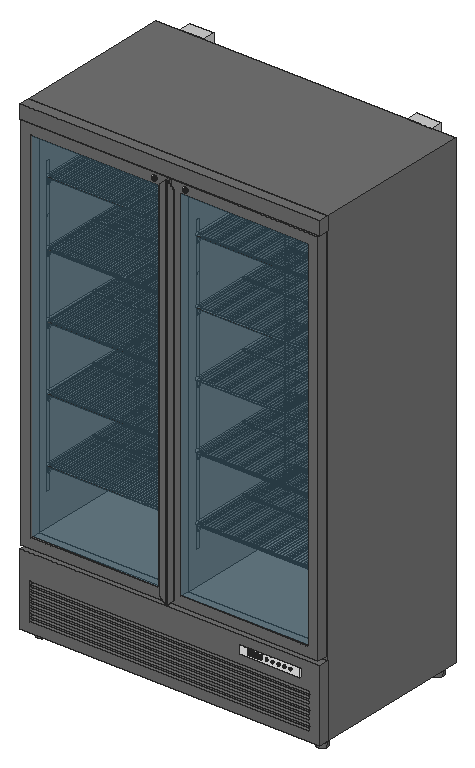
Revit family "QF_BLIZZARD_BMC2_250923014738", category Specialty Equipment, Revit 2021 (continued)
Definition of nested family "QF_BLIZZARD_BMC2_2920"
  Forms (mm)
    Extrusion 64, solid
      sketch origin (590.5, -688.633, 200) x (0, -1, 0) y (0, 0, 1)
        loop
          line (-77, 606.989) -> (-73, 606.989) -> (-73, 610.989) -> (-77, 610.989) -> (-77, 606.989)
        loop
          line (-77, 621.989) -> (-73, 621.989) -> (-73, 625.989) -> (-77, 625.989) -> (-77, 621.989)
        loop
          line (-77, 636.989) -> (-73, 636.989) -> (-73, 640.989) -> (-77, 640.989) -> (-77, 636.989)
        loop
          line (-77, 651.989) -> (-73, 651.989) -> (-73, 655.989) -> (-77, 655.989) -> (-77, 651.989)
        loop
          line (-77, 666.989) -> (-73, 666.989) -> (-73, 670.989) -> (-77, 670.989) -> (-77, 666.989)
        loop
          line (-77, 681.989) -> (-73, 681.989) -> (-73, 685.989) -> (-77, 685.989) -> (-77, 681.989)
        loop
          line (-77, 696.989) -> (-73, 696.989) -> (-73, 700.989) -> (-77, 700.989) -> (-77, 696.989)
        loop
          line (-77, 711.989) -> (-73, 711.989) -> (-73, 715.989) -> (-77, 715.989) -> (-77, 711.989)
        loop
          line (-77, 726.989) -> (-73, 726.989) -> (-73, 730.989) -> (-77, 730.989) -> (-77, 726.989)
        loop
          line (-77, 741.989) -> (-73, 741.989) -> (-73, 745.989) -> (-77, 745.989) -> (-77, 741.989)
        loop
          line (-77, 756.989) -> (-73, 756.989) -> (-73, 760.989) -> (-77, 760.989) -> (-77, 756.989)
        loop
          line (-77, 771.989) -> (-73, 771.989) -> (-73, 775.989) -> (-77, 775.989) -> (-77, 771.989)
        loop
          line (-77, 786.989) -> (-73, 786.989) -> (-73, 790.989) -> (-77, 790.989) -> (-77, 786.989)
        loop
          line (-77, 801.989) -> (-73, 801.989) -> (-73, 805.989) -> (-77, 805.989) -> (-77, 801.989)
        loop
          line (-77, 816.989) -> (-73, 816.989) -> (-73, 820.989) -> (-77, 820.989) -> (-77, 816.989)
        loop
          line (-77, 831.989) -> (-73, 831.989) -> (-73, 835.989) -> (-77, 835.989) -> (-77, 831.989)
        loop
          line (-77, 846.989) -> (-73, 846.989) -> (-73, 850.989) -> (-77, 850.989) -> (-77, 846.989)
        loop
          line (-77, 861.989) -> (-73, 861.989) -> (-73, 865.989) -> (-77, 865.989) -> (-77, 861.989)
        loop
          line (-77, 876.989) -> (-73, 876.989) -> (-73, 880.989) -> (-77, 880.989) -> (-77, 876.989)
        loop
          line (-77, 891.989) -> (-73, 891.989) -> (-73, 895.989) -> (-77, 895.989) -> (-77, 891.989)
        loop
          line (-77, 906.989) -> (-73, 906.989) -> (-73, 910.989) -> (-77, 910.989) -> (-77, 906.989)
        loop
          line (-77, 921.989) -> (-73, 921.989) -> (-73, 925.989) -> (-77, 925.989) -> (-77, 921.989)
        loop
          line (-77, 936.989) -> (-73, 936.989) -> (-73, 940.989) -> (-77, 940.989) -> (-77, 936.989)
        loop
          line (-77, 951.989) -> (-73, 951.989) -> (-73, 955.989) -> (-77, 955.989) -> (-77, 951.989)
        loop
          line (-77, 966.989) -> (-73, 966.989) -> (-73, 970.989) -> (-77, 970.989) -> (-77, 966.989)
        loop
          line (-77, 981.989) -> (-73, 981.989) -> (-73, 985.989) -> (-77, 985.989) -> (-77, 981.989)
        loop
          line (-77, 996.989) -> (-73, 996.989) -> (-73, 1000.989) -> (-77, 1000.989) -> (-77, 996.989)
        loop
          line (-77, 1011.989) -> (-73, 1011.989) -> (-73, 1015.989) -> (-77, 1015.989) -> (-77, 1011.989)
        loop
          line (-77, 1026.989) -> (-73, 1026.989) -> (-73, 1030.989) -> (-77, 1030.989) -> (-77, 1026.989)
        loop
          line (-77, 1041.989) -> (-73, 1041.989) -> (-73, 1045.989) -> (-77, 1045.989) -> (-77, 1041.989)
        loop
          line (-77, 1056.989) -> (-73, 1056.989) -> (-73, 1060.989) -> (-77, 1060.989) -> (-77, 1056.989)
        loop
          line (-77, 1071.989) -> (-73, 1071.989) -> (-73, 1075.989) -> (-77, 1075.989) -> (-77, 1071.989)
        loop
          line (-77, 1086.989) -> (-73, 1086.989) -> (-73, 1090.989) -> (-77, 1090.989) -> (-77, 1086.989)
        loop
          line (-77, 1101.989) -> (-73, 1101.989) -> (-73, 1105.989) -> (-77, 1105.989) -> (-77, 1101.989)
        loop
          line (-77, 1116.989) -> (-73, 1116.989) -> (-73, 1120.989) -> (-77, 1120.989) -> (-77, 1116.989)
        loop
          line (-77, 1131.989) -> (-73, 1131.989) -> (-73, 1135.989) -> (-77, 1135.989) -> (-77, 1131.989)
        loop
          line (-77, 1146.989) -> (-73, 1146.989) -> (-73, 1150.989) -> (-77, 1150.989) -> (-77, 1146.989)
        loop
          line (-77, 1161.989) -> (-73, 1161.989) -> (-73, 1165.989) -> (-77, 1165.989) -> (-77, 1161.989)
        loop
          line (-77, 1176.989) -> (-73, 1176.989) -> (-73, 1180.989) -> (-77, 1180.989) -> (-77, 1176.989)
        loop
          line (-77, 1191.989) -> (-73, 1191.989) -> (-73, 1195.989) -> (-77, 1195.989) -> (-77, 1191.989)
        loop
          line (-77, 1206.989) -> (-73, 1206.989) -> (-73, 1210.989) -> (-77, 1210.989) -> (-77, 1206.989)
        loop
          line (-77, 1221.989) -> (-73, 1221.989) -> (-73, 1225.989) -> (-77, 1225.989) -> (-77, 1221.989)
        loop
          line (-77, 1236.989) -> (-73, 1236.989) -> (-73, 1240.989) -> (-77, 1240.989) -> (-77, 1236.989)
        loop
          line (-77, 1251.989) -> (-73, 1251.989) -> (-73, 1255.989) -> (-77, 1255.989) -> (-77, 1251.989)
        loop
          line (-77, 1266.989) -> (-73, 1266.989) -> (-73, 1270.989) -> (-77, 1270.989) -> (-77, 1266.989)
        loop
          line (-77, 1281.989) -> (-73, 1281.989) -> (-73, 1285.989) -> (-77, 1285.989) -> (-77, 1281.989)
        loop
          line (-77, 1296.989) -> (-73, 1296.989) -> (-73, 1300.989) -> (-77, 1300.989) -> (-77, 1296.989)
        loop
          line (-77, 1311.989) -> (-73, 1311.989) -> (-73, 1315.989) -> (-77, 1315.989) -> (-77, 1311.989)
        loop
          line (-77, 1326.989) -> (-73, 1326.989) -> (-73, 1330.989) -> (-77, 1330.989) -> (-77, 1326.989)
        loop
          line (-77, 1341.989) -> (-73, 1341.989) -> (-73, 1345.989) -> (-77, 1345.989) -> (-77, 1341.989)
      from 0 to 5
    Extrusion 65, solid
      sketch origin (-1028.273, -1414.75, 866.919) x (-1, 0, 0) y (0, 0, -1)
        loop
          line (-1608.773, -812.071) -> (-1608.773, -844.071) -> (-1593.825, -844.071) -> (-1608.773, -812.071)
      from -1264.75 to -1262.75
    Extrusion 66, solid
      sketch origin (585.5, -538.633, 1105.383) x (0, -1, 0) y (0, 0, 1)
        loop
          line (-382.633, 605.606) -> (-392.633, 605.606) -> (-392.633, 573.606) -> (-382.633, 573.606) -> (-382.633, 605.606)
      from 0 to 5
    Extrusion 67, solid
      sketch origin (-1028.273, 650.117, 866.919) x (-1, 0, 0) y (0, 0, 1)
        loop
          line (-1608.773, 812.071) -> (-1593.825, 844.071) -> (-1608.773, 844.071) -> (-1608.773, 812.071)
      from -1264.75 to -1262.75
    Extrusion 68, solid
      sketch origin (585.5, -226, 1105.383) x (0, 1, 0) y (0, 0, -1)
        loop
          line (-382.633, -605.606) -> (-382.633, -573.606) -> (-392.633, -573.606) -> (-392.633, -605.606) -> (-382.633, -605.606)
      from 0 to 5
    Extrusion 69, solid
      sketch origin (590.5, -226, 200) x (0, -1, 0) y (0, 0, 1)
        loop
          line (-70, 1562) -> (-80, 1562) -> (-80, 330) -> (-70, 330) -> (-70, 1562)
        loop
          line (-77, 336.989) -> (-73, 336.989) -> (-73, 340.989) -> (-77, 340.989) -> (-77, 336.989)
        loop
          line (-77, 351.989) -> (-73, 351.989) -> (-73, 355.989) -> (-77, 355.989) -> (-77, 351.989)
        loop
          line (-77, 366.989) -> (-73, 366.989) -> (-73, 370.989) -> (-77, 370.989) -> (-77, 366.989)
        loop
          line (-77, 381.989) -> (-73, 381.989) -> (-73, 385.989) -> (-77, 385.989) -> (-77, 381.989)
        loop
          line (-77, 396.989) -> (-73, 396.989) -> (-73, 400.989) -> (-77, 400.989) -> (-77, 396.989)
        loop
          line (-77, 411.989) -> (-73, 411.989) -> (-73, 415.989) -> (-77, 415.989) -> (-77, 411.989)
        loop
          line (-77, 426.989) -> (-73, 426.989) -> (-73, 430.989) -> (-77, 430.989) -> (-77, 426.989)
        loop
          line (-77, 441.989) -> (-73, 441.989) -> (-73, 445.989) -> (-77, 445.989) -> (-77, 441.989)
        loop
          line (-77, 456.989) -> (-73, 456.989) -> (-73, 460.989) -> (-77, 460.989) -> (-77, 456.989)
        loop
          line (-77, 471.989) -> (-73, 471.989) -> (-73, 475.989) -> (-77, 475.989) -> (-77, 471.989)
        loop
          line (-77, 486.989) -> (-73, 486.989) -> (-73, 490.989) -> (-77, 490.989) -> (-77, 486.989)
        loop
          line (-77, 501.989) -> (-73, 501.989) -> (-73, 505.989) -> (-77, 505.989) -> (-77, 501.989)
        loop
          line (-77, 516.989) -> (-73, 516.989) -> (-73, 520.989) -> (-77, 520.989) -> (-77, 516.989)
        loop
          line (-77, 531.989) -> (-73, 531.989) -> (-73, 535.989) -> (-77, 535.989) -> (-77, 531.989)
        loop
          line (-77, 546.989) -> (-73, 546.989) -> (-73, 550.989) -> (-77, 550.989) -> (-77, 546.989)
        loop
          line (-77, 561.989) -> (-73, 561.989) -> (-73, 565.989) -> (-77, 565.989) -> (-77, 561.989)
        loop
          line (-77, 576.989) -> (-73, 576.989) -> (-73, 580.989) -> (-77, 580.989) -> (-77, 576.989)
        loop
          line (-77, 591.989) -> (-73, 591.989) -> (-73, 595.989) -> (-77, 595.989) -> (-77, 591.989)
        loop
          line (-77, 606.989) -> (-73, 606.989) -> (-73, 610.989) -> (-77, 610.989) -> (-77, 606.989)
        loop
          line (-77, 621.989) -> (-73, 621.989) -> (-73, 625.989) -> (-77, 625.989) -> (-77, 621.989)
        loop
          line (-77, 636.989) -> (-73, 636.989) -> (-73, 640.989) -> (-77, 640.989) -> (-77, 636.989)
        loop
          line (-77, 651.989) -> (-73, 651.989) -> (-73, 655.989) -> (-77, 655.989) -> (-77, 651.989)
        loop
          line (-77, 666.989) -> (-73, 666.989) -> (-73, 670.989) -> (-77, 670.989) -> (-77, 666.989)
        loop
          line (-77, 681.989) -> (-73, 681.989) -> (-73, 685.989) -> (-77, 685.989) -> (-77, 681.989)
        loop
          line (-77, 696.989) -> (-73, 696.989) -> (-73, 700.989) -> (-77, 700.989) -> (-77, 696.989)
        loop
          line (-77, 711.989) -> (-73, 711.989) -> (-73, 715.989) -> (-77, 715.989) -> (-77, 711.989)
        loop
          line (-77, 726.989) -> (-73, 726.989) -> (-73, 730.989) -> (-77, 730.989) -> (-77, 726.989)
        loop
          line (-77, 741.989) -> (-73, 741.989) -> (-73, 745.989) -> (-77, 745.989) -> (-77, 741.989)
        loop
          line (-77, 756.989) -> (-73, 756.989) -> (-73, 760.989) -> (-77, 760.989) -> (-77, 756.989)
        loop
          line (-77, 771.989) -> (-73, 771.989) -> (-73, 775.989) -> (-77, 775.989) -> (-77, 771.989)
        loop
          line (-77, 786.989) -> (-73, 786.989) -> (-73, 790.989) -> (-77, 790.989) -> (-77, 786.989)
        loop
          line (-77, 801.989) -> (-73, 801.989) -> (-73, 805.989) -> (-77, 805.989) -> (-77, 801.989)
        loop
          line (-77, 816.989) -> (-73, 816.989) -> (-73, 820.989) -> (-77, 820.989) -> (-77, 816.989)
        loop
          line (-77, 831.989) -> (-73, 831.989) -> (-73, 835.989) -> (-77, 835.989) -> (-77, 831.989)
        loop
          line (-77, 846.989) -> (-73, 846.989) -> (-73, 850.989) -> (-77, 850.989) -> (-77, 846.989)
        loop
          line (-77, 861.989) -> (-73, 861.989) -> (-73, 865.989) -> (-77, 865.989) -> (-77, 861.989)
        loop
          line (-77, 876.989) -> (-73, 876.989) -> (-73, 880.989) -> (-77, 880.989) -> (-77, 876.989)
        loop
          line (-77, 891.989) -> (-73, 891.989) -> (-73, 895.989) -> (-77, 895.989) -> (-77, 891.989)
        loop
          line (-77, 906.989) -> (-73, 906.989) -> (-73, 910.989) -> (-77, 910.989) -> (-77, 906.989)
        loop
          line (-77, 921.989) -> (-73, 921.989) -> (-73, 925.989) -> (-77, 925.989) -> (-77, 921.989)
        loop
          line (-77, 936.989) -> (-73, 936.989) -> (-73, 940.989) -> (-77, 940.989) -> (-77, 936.989)
        loop
          line (-77, 951.989) -> (-73, 951.989) -> (-73, 955.989) -> (-77, 955.989) -> (-77, 951.989)
        loop
          line (-77, 966.989) -> (-73, 966.989) -> (-73, 970.989) -> (-77, 970.989) -> (-77, 966.989)
        loop
          line (-77, 981.989) -> (-73, 981.989) -> (-73, 985.989) -> (-77, 985.989) -> (-77, 981.989)
        loop
          line (-77, 996.989) -> (-73, 996.989) -> (-73, 1000.989) -> (-77, 1000.989) -> (-77, 996.989)
        loop
          line (-77, 1011.989) -> (-73, 1011.989) -> (-73, 1015.989) -> (-77, 1015.989) -> (-77, 1011.989)
        loop
          line (-77, 1026.989) -> (-73, 1026.989) -> (-73, 1030.989) -> (-77, 1030.989) -> (-77, 1026.989)
        loop
          line (-77, 1041.989) -> (-73, 1041.989) -> (-73, 1045.989) -> (-77, 1045.989) -> (-77, 1041.989)
        loop
          line (-77, 1056.989) -> (-73, 1056.989) -> (-73, 1060.989) -> (-77, 1060.989) -> (-77, 1056.989)
        loop
          line (-77, 1071.989) -> (-73, 1071.989) -> (-73, 1075.989) -> (-77, 1075.989) -> (-77, 1071.989)
        loop
          line (-77, 1086.989) -> (-73, 1086.989) -> (-73, 1090.989) -> (-77, 1090.989) -> (-77, 1086.989)
        loop
          line (-77, 1101.989) -> (-73, 1101.989) -> (-73, 1105.989) -> (-77, 1105.989) -> (-77, 1101.989)
        loop
          line (-77, 1116.989) -> (-73, 1116.989) -> (-73, 1120.989) -> (-77, 1120.989) -> (-77, 1116.989)
        loop
          line (-77, 1131.989) -> (-73, 1131.989) -> (-73, 1135.989) -> (-77, 1135.989) -> (-77, 1131.989)
        loop
          line (-77, 1146.989) -> (-73, 1146.989) -> (-73, 1150.989) -> (-77, 1150.989) -> (-77, 1146.989)
        loop
          line (-77, 1161.989) -> (-73, 1161.989) -> (-73, 1165.989) -> (-77, 1165.989) -> (-77, 1161.989)
        loop
          line (-77, 1176.989) -> (-73, 1176.989) -> (-73, 1180.989) -> (-77, 1180.989) -> (-77, 1176.989)
        loop
          line (-77, 1191.989) -> (-73, 1191.989) -> (-73, 1195.989) -> (-77, 1195.989) -> (-77, 1191.989)
        loop
          line (-77, 1206.989) -> (-73, 1206.989) -> (-73, 1210.989) -> (-77, 1210.989) -> (-77, 1206.989)
        loop
          line (-77, 1221.989) -> (-73, 1221.989) -> (-73, 1225.989) -> (-77, 1225.989) -> (-77, 1221.989)
        loop
          line (-77, 1236.989) -> (-73, 1236.989) -> (-73, 1240.989) -> (-77, 1240.989) -> (-77, 1236.989)
        loop
          line (-77, 1251.989) -> (-73, 1251.989) -> (-73, 1255.989) -> (-77, 1255.989) -> (-77, 1251.989)
        loop
          line (-77, 1266.989) -> (-73, 1266.989) -> (-73, 1270.989) -> (-77, 1270.989) -> (-77, 1266.989)
        loop
          line (-77, 1281.989) -> (-73, 1281.989) -> (-73, 1285.989) -> (-77, 1285.989) -> (-77, 1281.989)
        loop
          line (-77, 1296.989) -> (-73, 1296.989) -> (-73, 1300.989) -> (-77, 1300.989) -> (-77, 1296.989)
        loop
          line (-77, 1311.989) -> (-73, 1311.989) -> (-73, 1315.989) -> (-77, 1315.989) -> (-77, 1311.989)
        loop
          line (-77, 1326.989) -> (-73, 1326.989) -> (-73, 1330.989) -> (-77, 1330.989) -> (-77, 1326.989)
        loop
          line (-77, 1341.989) -> (-73, 1341.989) -> (-73, 1345.989) -> (-77, 1345.989) -> (-77, 1341.989)
        loop
          line (-77, 1356.989) -> (-73, 1356.989) -> (-73, 1360.989) -> (-77, 1360.989) -> (-77, 1356.989)
        loop
          line (-77, 1371.989) -> (-73, 1371.989) -> (-73, 1375.989) -> (-77, 1375.989) -> (-77, 1371.989)
        loop
          line (-77, 1386.989) -> (-73, 1386.989) -> (-73, 1390.989) -> (-77, 1390.989) -> (-77, 1386.989)
        loop
          line (-77, 1401.989) -> (-73, 1401.989) -> (-73, 1405.989) -> (-77, 1405.989) -> (-77, 1401.989)
        loop
          line (-77, 1416.989) -> (-73, 1416.989) -> (-73, 1420.989) -> (-77, 1420.989) -> (-77, 1416.989)
        loop
          line (-77, 1431.989) -> (-73, 1431.989) -> (-73, 1435.989) -> (-77, 1435.989) -> (-77, 1431.989)
        loop
          line (-77, 1446.989) -> (-73, 1446.989) -> (-73, 1450.989) -> (-77, 1450.989) -> (-77, 1446.989)
        loop
          line (-77, 1461.989) -> (-73, 1461.989) -> (-73, 1465.989) -> (-77, 1465.989) -> (-77, 1461.989)
        loop
          line (-77, 1476.989) -> (-73, 1476.989) -> (-73, 1480.989) -> (-77, 1480.989) -> (-77, 1476.989)
        loop
          line (-77, 1491.989) -> (-73, 1491.989) -> (-73, 1495.989) -> (-77, 1495.989) -> (-77, 1491.989)
        loop
          line (-77, 1506.989) -> (-73, 1506.989) -> (-73, 1510.989) -> (-77, 1510.989) -> (-77, 1506.989)
        loop
          line (-77, 1521.989) -> (-73, 1521.989) -> (-73, 1525.989) -> (-77, 1525.989) -> (-77, 1521.989)
        loop
          line (-77, 1536.989) -> (-73, 1536.989) -> (-73, 1540.989) -> (-77, 1540.989) -> (-77, 1536.989)
        loop
          line (-77, 1551.989) -> (-73, 1551.989) -> (-73, 1555.989) -> (-77, 1555.989) -> (-77, 1551.989)
      from 0 to 5
    Extrusion 70, solid
      sketch origin (590.5, -688.633, 200) x (0, -1, 0) y (0, 0, 1)
        loop
          line (-70, 1562) -> (-80, 1562) -> (-80, 330) -> (-70, 330) -> (-70, 1562)
        loop
          line (-77, 336.989) -> (-73, 336.989) -> (-73, 340.989) -> (-77, 340.989) -> (-77, 336.989)
        loop
          line (-77, 351.989) -> (-73, 351.989) -> (-73, 355.989) -> (-77, 355.989) -> (-77, 351.989)
        loop
          line (-77, 366.989) -> (-73, 366.989) -> (-73, 370.989) -> (-77, 370.989) -> (-77, 366.989)
        loop
          line (-77, 381.989) -> (-73, 381.989) -> (-73, 385.989) -> (-77, 385.989) -> (-77, 381.989)
        loop
          line (-77, 396.989) -> (-73, 396.989) -> (-73, 400.989) -> (-77, 400.989) -> (-77, 396.989)
        loop
          line (-77, 411.989) -> (-73, 411.989) -> (-73, 415.989) -> (-77, 415.989) -> (-77, 411.989)
        loop
          line (-77, 426.989) -> (-73, 426.989) -> (-73, 430.989) -> (-77, 430.989) -> (-77, 426.989)
        loop
          line (-77, 441.989) -> (-73, 441.989) -> (-73, 445.989) -> (-77, 445.989) -> (-77, 441.989)
        loop
          line (-77, 456.989) -> (-73, 456.989) -> (-73, 460.989) -> (-77, 460.989) -> (-77, 456.989)
        loop
          line (-77, 471.989) -> (-73, 471.989) -> (-73, 475.989) -> (-77, 475.989) -> (-77, 471.989)
        loop
          line (-77, 486.989) -> (-73, 486.989) -> (-73, 490.989) -> (-77, 490.989) -> (-77, 486.989)
        loop
          line (-77, 501.989) -> (-73, 501.989) -> (-73, 505.989) -> (-77, 505.989) -> (-77, 501.989)
        loop
          line (-77, 516.989) -> (-73, 516.989) -> (-73, 520.989) -> (-77, 520.989) -> (-77, 516.989)
        loop
          line (-77, 531.989) -> (-73, 531.989) -> (-73, 535.989) -> (-77, 535.989) -> (-77, 531.989)
        loop
          line (-77, 546.989) -> (-73, 546.989) -> (-73, 550.989) -> (-77, 550.989) -> (-77, 546.989)
        loop
          line (-77, 561.989) -> (-73, 561.989) -> (-73, 565.989) -> (-77, 565.989) -> (-77, 561.989)
        loop
          line (-77, 576.989) -> (-73, 576.989) -> (-73, 580.989) -> (-77, 580.989) -> (-77, 576.989)
        loop
          line (-77, 591.989) -> (-73, 591.989) -> (-73, 595.989) -> (-77, 595.989) -> (-77, 591.989)
        loop
          line (-77, 606.989) -> (-73, 606.989) -> (-73, 610.989) -> (-77, 610.989) -> (-77, 606.989)
        loop
          line (-77, 621.989) -> (-73, 621.989) -> (-73, 625.989) -> (-77, 625.989) -> (-77, 621.989)
        loop
          line (-77, 636.989) -> (-73, 636.989) -> (-73, 640.989) -> (-77, 640.989) -> (-77, 636.989)
        loop
          line (-77, 651.989) -> (-73, 651.989) -> (-73, 655.989) -> (-77, 655.989) -> (-77, 651.989)
        loop
          line (-77, 666.989) -> (-73, 666.989) -> (-73, 670.989) -> (-77, 670.989) -> (-77, 666.989)
        loop
          line (-77, 681.989) -> (-73, 681.989) -> (-73, 685.989) -> (-77, 685.989) -> (-77, 681.989)
        loop
          line (-77, 696.989) -> (-73, 696.989) -> (-73, 700.989) -> (-77, 700.989) -> (-77, 696.989)
        loop
          line (-77, 711.989) -> (-73, 711.989) -> (-73, 715.989) -> (-77, 715.989) -> (-77, 711.989)
        loop
          line (-77, 726.989) -> (-73, 726.989) -> (-73, 730.989) -> (-77, 730.989) -> (-77, 726.989)
        loop
          line (-77, 741.989) -> (-73, 741.989) -> (-73, 745.989) -> (-77, 745.989) -> (-77, 741.989)
        loop
          line (-77, 756.989) -> (-73, 756.989) -> (-73, 760.989) -> (-77, 760.989) -> (-77, 756.989)
        loop
          line (-77, 771.989) -> (-73, 771.989) -> (-73, 775.989) -> (-77, 775.989) -> (-77, 771.989)
        loop
          line (-77, 786.989) -> (-73, 786.989) -> (-73, 790.989) -> (-77, 790.989) -> (-77, 786.989)
        loop
          line (-77, 801.989) -> (-73, 801.989) -> (-73, 805.989) -> (-77, 805.989) -> (-77, 801.989)
        loop
          line (-77, 816.989) -> (-73, 816.989) -> (-73, 820.989) -> (-77, 820.989) -> (-77, 816.989)
        loop
          line (-77, 831.989) -> (-73, 831.989) -> (-73, 835.989) -> (-77, 835.989) -> (-77, 831.989)
        loop
          line (-77, 846.989) -> (-73, 846.989) -> (-73, 850.989) -> (-77, 850.989) -> (-77, 846.989)
        loop
          line (-77, 861.989) -> (-73, 861.989) -> (-73, 865.989) -> (-77, 865.989) -> (-77, 861.989)
        loop
          line (-77, 876.989) -> (-73, 876.989) -> (-73, 880.989) -> (-77, 880.989) -> (-77, 876.989)
        loop
          line (-77, 891.989) -> (-73, 891.989) -> (-73, 895.989) -> (-77, 895.989) -> (-77, 891.989)
        loop
          line (-77, 906.989) -> (-73, 906.989) -> (-73, 910.989) -> (-77, 910.989) -> (-77, 906.989)
        loop
          line (-77, 921.989) -> (-73, 921.989) -> (-73, 925.989) -> (-77, 925.989) -> (-77, 921.989)
        loop
          line (-77, 936.989) -> (-73, 936.989) -> (-73, 940.989) -> (-77, 940.989) -> (-77, 936.989)
        loop
          line (-77, 951.989) -> (-73, 951.989) -> (-73, 955.989) -> (-77, 955.989) -> (-77, 951.989)
        loop
          line (-77, 966.989) -> (-73, 966.989) -> (-73, 970.989) -> (-77, 970.989) -> (-77, 966.989)
        loop
          line (-77, 981.989) -> (-73, 981.989) -> (-73, 985.989) -> (-77, 985.989) -> (-77, 981.989)
        loop
          line (-77, 996.989) -> (-73, 996.989) -> (-73, 1000.989) -> (-77, 1000.989) -> (-77, 996.989)
        loop
          line (-77, 1011.989) -> (-73, 1011.989) -> (-73, 1015.989) -> (-77, 1015.989) -> (-77, 1011.989)
        loop
          line (-77, 1026.989) -> (-73, 1026.989) -> (-73, 1030.989) -> (-77, 1030.989) -> (-77, 1026.989)
        loop
          line (-77, 1041.989) -> (-73, 1041.989) -> (-73, 1045.989) -> (-77, 1045.989) -> (-77, 1041.989)
        loop
          line (-77, 1056.989) -> (-73, 1056.989) -> (-73, 1060.989) -> (-77, 1060.989) -> (-77, 1056.989)
        loop
          line (-77, 1071.989) -> (-73, 1071.989) -> (-73, 1075.989) -> (-77, 1075.989) -> (-77, 1071.989)
        loop
          line (-77, 1086.989) -> (-73, 1086.989) -> (-73, 1090.989) -> (-77, 1090.989) -> (-77, 1086.989)
        loop
          line (-77, 1101.989) -> (-73, 1101.989) -> (-73, 1105.989) -> (-77, 1105.989) -> (-77, 1101.989)
        loop
          line (-77, 1116.989) -> (-73, 1116.989) -> (-73, 1120.989) -> (-77, 1120.989) -> (-77, 1116.989)
        loop
          line (-77, 1131.989) -> (-73, 1131.989) -> (-73, 1135.989) -> (-77, 1135.989) -> (-77, 1131.989)
        loop
          line (-77, 1146.989) -> (-73, 1146.989) -> (-73, 1150.989) -> (-77, 1150.989) -> (-77, 1146.989)
        loop
          line (-77, 1161.989) -> (-73, 1161.989) -> (-73, 1165.989) -> (-77, 1165.989) -> (-77, 1161.989)
        loop
          line (-77, 1176.989) -> (-73, 1176.989) -> (-73, 1180.989) -> (-77, 1180.989) -> (-77, 1176.989)
        loop
          line (-77, 1191.989) -> (-73, 1191.989) -> (-73, 1195.989) -> (-77, 1195.989) -> (-77, 1191.989)
        loop
          line (-77, 1206.989) -> (-73, 1206.989) -> (-73, 1210.989) -> (-77, 1210.989) -> (-77, 1206.989)
        loop
          line (-77, 1221.989) -> (-73, 1221.989) -> (-73, 1225.989) -> (-77, 1225.989) -> (-77, 1221.989)
        loop
          line (-77, 1236.989) -> (-73, 1236.989) -> (-73, 1240.989) -> (-77, 1240.989) -> (-77, 1236.989)
        loop
          line (-77, 1251.989) -> (-73, 1251.989) -> (-73, 1255.989) -> (-77, 1255.989) -> (-77, 1251.989)
        loop
          line (-77, 1266.989) -> (-73, 1266.989) -> (-73, 1270.989) -> (-77, 1270.989) -> (-77, 1266.989)
        loop
          line (-77, 1281.989) -> (-73, 1281.989) -> (-73, 1285.989) -> (-77, 1285.989) -> (-77, 1281.989)
        loop
          line (-77, 1296.989) -> (-73, 1296.989) -> (-73, 1300.989) -> (-77, 1300.989) -> (-77, 1296.989)
        loop
          line (-77, 1311.989) -> (-73, 1311.989) -> (-73, 1315.989) -> (-77, 1315.989) -> (-77, 1311.989)
        loop
          line (-77, 1326.989) -> (-73, 1326.989) -> (-73, 1330.989) -> (-77, 1330.989) -> (-77, 1326.989)
        loop
          line (-77, 1341.989) -> (-73, 1341.989) -> (-73, 1345.989) -> (-77, 1345.989) -> (-77, 1341.989)
        loop
          line (-77, 1356.989) -> (-73, 1356.989) -> (-73, 1360.989) -> (-77, 1360.989) -> (-77, 1356.989)
        loop
          line (-77, 1371.989) -> (-73, 1371.989) -> (-73, 1375.989) -> (-77, 1375.989) -> (-77, 1371.989)
        loop
          line (-77, 1386.989) -> (-73, 1386.989) -> (-73, 1390.989) -> (-77, 1390.989) -> (-77, 1386.989)
        loop
          line (-77, 1401.989) -> (-73, 1401.989) -> (-73, 1405.989) -> (-77, 1405.989) -> (-77, 1401.989)
        loop
          line (-77, 1416.989) -> (-73, 1416.989) -> (-73, 1420.989) -> (-77, 1420.989) -> (-77, 1416.989)
        loop
          line (-77, 1431.989) -> (-73, 1431.989) -> (-73, 1435.989) -> (-77, 1435.989) -> (-77, 1431.989)
        loop
          line (-77, 1446.989) -> (-73, 1446.989) -> (-73, 1450.989) -> (-77, 1450.989) -> (-77, 1446.989)
        loop
          line (-77, 1461.989) -> (-73, 1461.989) -> (-73, 1465.989) -> (-77, 1465.989) -> (-77, 1461.989)
        loop
          line (-77, 1476.989) -> (-73, 1476.989) -> (-73, 1480.989) -> (-77, 1480.989) -> (-77, 1476.989)
        loop
          line (-77, 1491.989) -> (-73, 1491.989) -> (-73, 1495.989) -> (-77, 1495.989) -> (-77, 1491.989)
        loop
          line (-77, 1506.989) -> (-73, 1506.989) -> (-73, 1510.989) -> (-77, 1510.989) -> (-77, 1506.989)
        loop
          line (-77, 1521.989) -> (-73, 1521.989) -> (-73, 1525.989) -> (-77, 1525.989) -> (-77, 1521.989)
        loop
          line (-77, 1536.989) -> (-73, 1536.989) -> (-73, 1540.989) -> (-77, 1540.989) -> (-77, 1536.989)
        loop
          line (-77, 1551.989) -> (-73, 1551.989) -> (-73, 1555.989) -> (-77, 1555.989) -> (-77, 1551.989)
      from 0 to 5
    Extrusion 71, solid
      sketch origin (-1028.273, -1414.75, 596.919) x (-1, 0, 0) y (0, 0, -1)
        loop
          line (-1608.773, -812.071) -> (-1608.773, -844.071) -> (-1593.825, -844.071) -> (-1608.773, -812.071)
      from -1264.75 to -1262.75
    Extrusion 72, solid
      sketch origin (585.5, -538.633, 835.383) x (0, -1, 0) y (0, 0, 1)
        loop
          line (-382.633, 605.606) -> (-392.633, 605.606) -> (-392.633, 573.606) -> (-382.633, 573.606) -> (-382.633, 605.606)
      from 0 to 5
    Extrusion 73, solid
      sketch origin (-1028.273, 650.117, 596.919) x (-1, 0, 0) y (0, 0, 1)
        loop
          line (-1608.773, 812.071) -> (-1593.825, 844.071) -> (-1608.773, 844.071) -> (-1608.773, 812.071)
      from -1264.75 to -1262.75
    Extrusion 74, solid
      sketch origin (585.5, -226, 835.383) x (0, 1, 0) y (0, 0, -1)
        loop
          line (-382.633, -605.606) -> (-382.633, -573.606) -> (-392.633, -573.606) -> (-392.633, -605.606) -> (-382.633, -605.606)
      from 0 to 5
    Extrusion 75, solid
      sketch origin (-1028.273, -1414.75, 326.919) x (-1, 0, 0) y (0, 0, -1)
        loop
          line (-1608.773, -812.071) -> (-1608.773, -844.071) -> (-1593.825, -844.071) -> (-1608.773, -812.071)
      from -1264.75 to -1262.75
    Extrusion 76, solid
      sketch origin (585.5, -538.633, 565.383) x (0, -1, 0) y (0, 0, 1)
        loop
          line (-382.633, 605.606) -> (-392.633, 605.606) -> (-392.633, 573.606) -> (-382.633, 573.606) -> (-382.633, 605.606)
      from 0 to 5
    Extrusion 77, solid
      sketch origin (-1028.273, 650.117, 326.919) x (-1, 0, 0) y (0, 0, 1)
        loop
          line (-1608.773, 812.071) -> (-1593.825, 844.071) -> (-1608.773, 844.071) -> (-1608.773, 812.071)
      from -1264.75 to -1262.75
    Extrusion 78, solid
      sketch origin (585.5, -226, 565.383) x (0, 1, 0) y (0, 0, -1)
        loop
          line (-382.633, -605.606) -> (-382.633, -573.606) -> (-392.633, -573.606) -> (-392.633, -605.606) -> (-382.633, -605.606)
      from 0 to 5
    Extrusion 79, solid
      sketch origin (-1028.273, -1414.75, 56.919) x (-1, 0, 0) y (0, 0, -1)
        loop
          line (-1608.773, -812.071) -> (-1608.773, -844.071) -> (-1593.825, -844.071) -> (-1608.773, -812.071)
      from -1264.75 to -1262.75
    Extrusion 80, solid
      sketch origin (585.5, -538.633, 295.383) x (0, -1, 0) y (0, 0, 1)
        loop
          line (-382.633, 605.606) -> (-392.633, 605.606) -> (-392.633, 573.606) -> (-382.633, 573.606) -> (-382.633, 605.606)
      from 0 to 5
    Extrusion 81, solid
      sketch origin (-1028.273, 650.117, 56.919) x (-1, 0, 0) y (0, 0, 1)
        loop
          line (-1608.773, 812.071) -> (-1593.825, 844.071) -> (-1608.773, 844.071) -> (-1608.773, 812.071)
      from -1264.75 to -1262.75
    Extrusion 82, solid
      sketch origin (585.5, -226, 295.383) x (0, 1, 0) y (0, 0, -1)
        loop
          line (-382.633, -605.606) -> (-382.633, -573.606) -> (-392.633, -573.606) -> (-392.633, -605.606) -> (-382.633, -605.606)
      from 0 to 5
    Extrusion 83, solid
      sketch origin (-1028.273, -1414.75, -213.081) x (-1, 0, 0) y (0, 0, -1)
        loop
          line (-1608.773, -812.071) -> (-1608.773, -844.071) -> (-1593.825, -844.071) -> (-1608.773, -812.071)
      from -1264.75 to -1262.75
    Extrusion 84, solid
      sketch origin (585.5, -538.633, 25.383) x (0, -1, 0) y (0, 0, 1)
        loop
          line (-382.633, 605.606) -> (-392.633, 605.606) -> (-392.633, 573.606) -> (-382.633, 573.606) -> (-382.633, 605.606)
      from 0 to 5
    Extrusion 85, solid
      sketch origin (-1028.273, 650.117, -213.081) x (-1, 0, 0) y (0, 0, 1)
        loop
          line (-1608.773, 812.071) -> (-1593.825, 844.071) -> (-1608.773, 844.071) -> (-1608.773, 812.071)
      from -1264.75 to -1262.75
    Extrusion 86, solid
      sketch origin (585.5, -226, 25.383) x (0, 1, 0) y (0, 0, -1)
        loop
          line (-382.633, -605.606) -> (-382.633, -573.606) -> (-392.633, -573.606) -> (-392.633, -605.606) -> (-382.633, -605.606)
      from 0 to 5
    Sweep 87, solid
      path origin (47.141, -189.803, 1443.371) x (1, 0, 0) y (0, 1, 0)
        loop
          arc (9.859, 55.803) -> (1.373, 52.288) -> (-2.141, 43.803) r 12
          line (-2.141, 43.803) -> (-2.141, -428.83)
          arc (-2.141, -428.83) -> (1.373, -437.316) -> (9.859, -440.83) r 12
          line (9.859, -440.83) -> (521.359, -440.83)
          arc (521.359, -440.83) -> (529.844, -437.316) -> (533.359, -428.83) r 12
          line (533.359, -428.83) -> (533.359, 43.803)
          arc (533.359, 43.803) -> (529.844, 52.288) -> (521.359, 55.803) r 12
          line (521.359, 55.803) -> (9.859, 55.803)
      profile origin (312.75, -134, 1443.371) x (0, 1, 0) y (0, 0, 1)
        loop
          circle (0, 0) r 3.5
    Extrusion 88, solid
      sketch origin (45, -189.803, 1443.371) x (1, 0, 0) y (0, 0, 1)
        loop
          circle (13.5, 4.5) r 1
        loop
          circle (26, 4.5) r 1
        loop
          circle (38.5, 4.5) r 1
        loop
          circle (51, 4.5) r 1
        loop
          circle (63.5, 4.5) r 1
        loop
          circle (76, 4.5) r 1
        loop
          circle (88.5, 4.5) r 1
        loop
          circle (101, 4.5) r 1
        loop
          circle (113.5, 4.5) r 1
        loop
          circle (126, 4.5) r 1
        loop
          circle (138.5, 4.5) r 1
        loop
          circle (151, 4.5) r 1
        loop
          circle (163.5, 4.5) r 1
        loop
          circle (176, 4.5) r 1
        loop
          circle (188.5, 4.5) r 1
        loop
          circle (201, 4.5) r 1
        loop
          circle (213.5, 4.5) r 1
        loop
          circle (226, 4.5) r 1
        loop
          circle (238.5, 4.5) r 1
        loop
          circle (251, 4.5) r 1
        loop
          circle (263.5, 4.5) r 1
        loop
          circle (276, 4.5) r 1
        loop
          circle (288.5, 4.5) r 1
        loop
          circle (301, 4.5) r 1
        loop
          circle (313.5, 4.5) r 1
        loop
          circle (326, 4.5) r 1
        loop
          circle (338.5, 4.5) r 1
        loop
          circle (351, 4.5) r 1
        loop
          circle (363.5, 4.5) r 1
        loop
          circle (376, 4.5) r 1
        loop
          circle (388.5, 4.5) r 1
        loop
          circle (401, 4.5) r 1
        loop
          circle (413.5, 4.5) r 1
        loop
          circle (426, 4.5) r 1
        loop
          circle (438.5, 4.5) r 1
        loop
          circle (451, 4.5) r 1
        loop
          circle (463.5, 4.5) r 1
        loop
          circle (476, 4.5) r 1
        loop
          circle (488.5, 4.5) r 1
        loop
          circle (501, 4.5) r 1
        loop
          circle (513.5, 4.5) r 1
      from -55.803 to 440.197
    Extrusion 89, solid
      sketch origin (45, -170.816, 1443.371) x (0, 1, 0) y (0, 0, 1)
        loop
          circle (-211.5, 0) r 3.5
      from 0 to 535.5
    Sweep 90, solid
      path origin (47.141, -189.803, 1173.371) x (1, 0, 0) y (0, 1, 0)
        loop
          arc (9.859, 55.803) -> (1.373, 52.288) -> (-2.141, 43.803) r 12
          line (-2.141, 43.803) -> (-2.141, -428.83)
          arc (-2.141, -428.83) -> (1.373, -437.316) -> (9.859, -440.83) r 12
          line (9.859, -440.83) -> (521.359, -440.83)
          arc (521.359, -440.83) -> (529.844, -437.316) -> (533.359, -428.83) r 12
          line (533.359, -428.83) -> (533.359, 43.803)
          arc (533.359, 43.803) -> (529.844, 52.288) -> (521.359, 55.803) r 12
          line (521.359, 55.803) -> (9.859, 55.803)
      profile origin (312.75, -134, 1173.371) x (0, 1, 0) y (0, 0, 1)
        loop
          circle (0, 0) r 3.5
    Extrusion 91, solid
      sketch origin (45, -189.803, 1173.371) x (1, 0, 0) y (0, 0, 1)
        loop
          circle (13.5, 4.5) r 1
        loop
          circle (26, 4.5) r 1
        loop
          circle (38.5, 4.5) r 1
        loop
          circle (51, 4.5) r 1
        loop
          circle (63.5, 4.5) r 1
        loop
          circle (76, 4.5) r 1
        loop
          circle (88.5, 4.5) r 1
        loop
          circle (101, 4.5) r 1
        loop
          circle (113.5, 4.5) r 1
        loop
          circle (126, 4.5) r 1
        loop
          circle (138.5, 4.5) r 1
        loop
          circle (151, 4.5) r 1
        loop
          circle (163.5, 4.5) r 1
        loop
          circle (176, 4.5) r 1
        loop
          circle (188.5, 4.5) r 1
        loop
          circle (201, 4.5) r 1
        loop
          circle (213.5, 4.5) r 1
        loop
          circle (226, 4.5) r 1
        loop
          circle (238.5, 4.5) r 1
        loop
          circle (251, 4.5) r 1
        loop
          circle (263.5, 4.5) r 1
        loop
          circle (276, 4.5) r 1
        loop
          circle (288.5, 4.5) r 1
        loop
          circle (301, 4.5) r 1
        loop
          circle (313.5, 4.5) r 1
        loop
          circle (326, 4.5) r 1
        loop
          circle (338.5, 4.5) r 1
        loop
          circle (351, 4.5) r 1
        loop
          circle (363.5, 4.5) r 1
        loop
          circle (376, 4.5) r 1
        loop
          circle (388.5, 4.5) r 1
        loop
          circle (401, 4.5) r 1
        loop
          circle (413.5, 4.5) r 1
        loop
          circle (426, 4.5) r 1
        loop
          circle (438.5, 4.5) r 1
        loop
          circle (451, 4.5) r 1
        loop
          circle (463.5, 4.5) r 1
        loop
          circle (476, 4.5) r 1
        loop
          circle (488.5, 4.5) r 1
        loop
          circle (501, 4.5) r 1
        loop
          circle (513.5, 4.5) r 1
      from -55.803 to 440.197
    Extrusion 92, solid
      sketch origin (45, -170.816, 1173.371) x (0, 1, 0) y (0, 0, 1)
        loop
          circle (-211.5, 0) r 3.5
      from 0 to 535.5
    Sweep 93, solid
      path origin (47.141, -189.803, 903.371) x (1, 0, 0) y (0, 1, 0)
        loop
          arc (9.859, 55.803) -> (1.373, 52.288) -> (-2.141, 43.803) r 12
          line (-2.141, 43.803) -> (-2.141, -428.83)
          arc (-2.141, -428.83) -> (1.373, -437.316) -> (9.859, -440.83) r 12
          line (9.859, -440.83) -> (521.359, -440.83)
          arc (521.359, -440.83) -> (529.844, -437.316) -> (533.359, -428.83) r 12
          line (533.359, -428.83) -> (533.359, 43.803)
          arc (533.359, 43.803) -> (529.844, 52.288) -> (521.359, 55.803) r 12
          line (521.359, 55.803) -> (9.859, 55.803)
      profile origin (312.75, -134, 903.371) x (0, 1, 0) y (0, 0, 1)
        loop
          circle (0, 0) r 3.5
    Extrusion 94, solid
      sketch origin (45, -189.803, 903.371) x (1, 0, 0) y (0, 0, 1)
        loop
          circle (13.5, 4.5) r 1
        loop
          circle (26, 4.5) r 1
        loop
          circle (38.5, 4.5) r 1
        loop
          circle (51, 4.5) r 1
        loop
          circle (63.5, 4.5) r 1
        loop
          circle (76, 4.5) r 1
        loop
          circle (88.5, 4.5) r 1
        loop
          circle (101, 4.5) r 1
        loop
          circle (113.5, 4.5) r 1
        loop
          circle (126, 4.5) r 1
        loop
          circle (138.5, 4.5) r 1
        loop
          circle (151, 4.5) r 1
        loop
          circle (163.5, 4.5) r 1
        loop
          circle (176, 4.5) r 1
        loop
          circle (188.5, 4.5) r 1
        loop
          circle (201, 4.5) r 1
        loop
          circle (213.5, 4.5) r 1
        loop
          circle (226, 4.5) r 1
        loop
          circle (238.5, 4.5) r 1
        loop
          circle (251, 4.5) r 1
        loop
          circle (263.5, 4.5) r 1
        loop
          circle (276, 4.5) r 1
        loop
          circle (288.5, 4.5) r 1
        loop
          circle (301, 4.5) r 1
        loop
          circle (313.5, 4.5) r 1
        loop
          circle (326, 4.5) r 1
        loop
          circle (338.5, 4.5) r 1
        loop
          circle (351, 4.5) r 1
        loop
          circle (363.5, 4.5) r 1
        loop
          circle (376, 4.5) r 1
        loop
          circle (388.5, 4.5) r 1
        loop
          circle (401, 4.5) r 1
        loop
          circle (413.5, 4.5) r 1
        loop
          circle (426, 4.5) r 1
        loop
          circle (438.5, 4.5) r 1
        loop
          circle (451, 4.5) r 1
        loop
          circle (463.5, 4.5) r 1
        loop
          circle (476, 4.5) r 1
        loop
          circle (488.5, 4.5) r 1
        loop
          circle (501, 4.5) r 1
        loop
          circle (513.5, 4.5) r 1
      from -55.803 to 440.197
    Extrusion 95, solid
      sketch origin (45, -170.816, 903.371) x (0, 1, 0) y (0, 0, 1)
        loop
          circle (-211.5, 0) r 3.5
      from 0 to 535.5
    Sweep 96, solid
      path origin (47.141, -189.803, 633.371) x (1, 0, 0) y (0, 1, 0)
        loop
          arc (9.859, 55.803) -> (1.373, 52.288) -> (-2.141, 43.803) r 12
          line (-2.141, 43.803) -> (-2.141, -428.83)
          arc (-2.141, -428.83) -> (1.373, -437.316) -> (9.859, -440.83) r 12
          line (9.859, -440.83) -> (521.359, -440.83)
          arc (521.359, -440.83) -> (529.844, -437.316) -> (533.359, -428.83) r 12
          line (533.359, -428.83) -> (533.359, 43.803)
          arc (533.359, 43.803) -> (529.844, 52.288) -> (521.359, 55.803) r 12
          line (521.359, 55.803) -> (9.859, 55.803)
      profile origin (312.75, -134, 633.371) x (0, 1, 0) y (0, 0, 1)
        loop
          circle (0, 0) r 3.5
    Extrusion 97, solid
      sketch origin (45, -189.803, 633.371) x (1, 0, 0) y (0, 0, 1)
        loop
          circle (13.5, 4.5) r 1
        loop
          circle (26, 4.5) r 1
        loop
          circle (38.5, 4.5) r 1
        loop
          circle (51, 4.5) r 1
        loop
          circle (63.5, 4.5) r 1
        loop
          circle (76, 4.5) r 1
        loop
          circle (88.5, 4.5) r 1
        loop
          circle (101, 4.5) r 1
        loop
          circle (113.5, 4.5) r 1
        loop
          circle (126, 4.5) r 1
        loop
          circle (138.5, 4.5) r 1
        loop
          circle (151, 4.5) r 1
        loop
          circle (163.5, 4.5) r 1
        loop
          circle (176, 4.5) r 1
        loop
          circle (188.5, 4.5) r 1
        loop
          circle (201, 4.5) r 1
        loop
          circle (213.5, 4.5) r 1
        loop
          circle (226, 4.5) r 1
        loop
          circle (238.5, 4.5) r 1
        loop
          circle (251, 4.5) r 1
        loop
          circle (263.5, 4.5) r 1
        loop
          circle (276, 4.5) r 1
        loop
          circle (288.5, 4.5) r 1
        loop
          circle (301, 4.5) r 1
        loop
          circle (313.5, 4.5) r 1
        loop
          circle (326, 4.5) r 1
        loop
          circle (338.5, 4.5) r 1
        loop
          circle (351, 4.5) r 1
        loop
          circle (363.5, 4.5) r 1
        loop
          circle (376, 4.5) r 1
        loop
          circle (388.5, 4.5) r 1
        loop
          circle (401, 4.5) r 1
        loop
          circle (413.5, 4.5) r 1
        loop
          circle (426, 4.5) r 1
        loop
          circle (438.5, 4.5) r 1
        loop
          circle (451, 4.5) r 1
        loop
          circle (463.5, 4.5) r 1
        loop
          circle (476, 4.5) r 1
        loop
          circle (488.5, 4.5) r 1
        loop
          circle (501, 4.5) r 1
        loop
          circle (513.5, 4.5) r 1
      from -55.803 to 440.197
    Extrusion 98, solid
      sketch origin (45, -170.816, 633.371) x (0, 1, 0) y (0, 0, 1)
        loop
          circle (-211.5, 0) r 3.5
      from 0 to 535.5
    Extrusion 99, solid
      sketch origin (1215, -688.633, 200) x (0, -1, 0) y (0, 0, 1)
        loop
          line (-70, 1362) -> (-80, 1362) -> (-80, 330) -> (-70, 330) -> (-70, 1362)
        loop
          line (-77, 336.989) -> (-73, 336.989) -> (-73, 340.989) -> (-77, 340.989) -> (-77, 336.989)
        loop
          line (-77, 351.989) -> (-73, 351.989) -> (-73, 355.989) -> (-77, 355.989) -> (-77, 351.989)
        loop
          line (-77, 366.989) -> (-73, 366.989) -> (-73, 370.989) -> (-77, 370.989) -> (-77, 366.989)
        loop
          line (-77, 381.989) -> (-73, 381.989) -> (-73, 385.989) -> (-77, 385.989) -> (-77, 381.989)
        loop
          line (-77, 396.989) -> (-73, 396.989) -> (-73, 400.989) -> (-77, 400.989) -> (-77, 396.989)
        loop
          line (-77, 411.989) -> (-73, 411.989) -> (-73, 415.989) -> (-77, 415.989) -> (-77, 411.989)
        loop
          line (-77, 426.989) -> (-73, 426.989) -> (-73, 430.989) -> (-77, 430.989) -> (-77, 426.989)
        loop
          line (-77, 441.989) -> (-73, 441.989) -> (-73, 445.989) -> (-77, 445.989) -> (-77, 441.989)
        loop
          line (-77, 456.989) -> (-73, 456.989) -> (-73, 460.989) -> (-77, 460.989) -> (-77, 456.989)
        loop
          line (-77, 471.989) -> (-73, 471.989) -> (-73, 475.989) -> (-77, 475.989) -> (-77, 471.989)
        loop
          line (-77, 486.989) -> (-73, 486.989) -> (-73, 490.989) -> (-77, 490.989) -> (-77, 486.989)
        loop
          line (-77, 501.989) -> (-73, 501.989) -> (-73, 505.989) -> (-77, 505.989) -> (-77, 501.989)
        loop
          line (-77, 516.989) -> (-73, 516.989) -> (-73, 520.989) -> (-77, 520.989) -> (-77, 516.989)
        loop
          line (-77, 531.989) -> (-73, 531.989) -> (-73, 535.989) -> (-77, 535.989) -> (-77, 531.989)
        loop
          line (-77, 546.989) -> (-73, 546.989) -> (-73, 550.989) -> (-77, 550.989) -> (-77, 546.989)
        loop
          line (-77, 561.989) -> (-73, 561.989) -> (-73, 565.989) -> (-77, 565.989) -> (-77, 561.989)
        loop
          line (-77, 576.989) -> (-73, 576.989) -> (-73, 580.989) -> (-77, 580.989) -> (-77, 576.989)
        loop
          line (-77, 591.989) -> (-73, 591.989) -> (-73, 595.989) -> (-77, 595.989) -> (-77, 591.989)
        loop
          line (-77, 606.989) -> (-73, 606.989) -> (-73, 610.989) -> (-77, 610.989) -> (-77, 606.989)
        loop
          line (-77, 621.989) -> (-73, 621.989) -> (-73, 625.989) -> (-77, 625.989) -> (-77, 621.989)
        loop
          line (-77, 636.989) -> (-73, 636.989) -> (-73, 640.989) -> (-77, 640.989) -> (-77, 636.989)
        loop
          line (-77, 651.989) -> (-73, 651.989) -> (-73, 655.989) -> (-77, 655.989) -> (-77, 651.989)
        loop
          line (-77, 666.989) -> (-73, 666.989) -> (-73, 670.989) -> (-77, 670.989) -> (-77, 666.989)
        loop
          line (-77, 681.989) -> (-73, 681.989) -> (-73, 685.989) -> (-77, 685.989) -> (-77, 681.989)
        loop
          line (-77, 696.989) -> (-73, 696.989) -> (-73, 700.989) -> (-77, 700.989) -> (-77, 696.989)
        loop
          line (-77, 711.989) -> (-73, 711.989) -> (-73, 715.989) -> (-77, 715.989) -> (-77, 711.989)
        loop
          line (-77, 726.989) -> (-73, 726.989) -> (-73, 730.989) -> (-77, 730.989) -> (-77, 726.989)
        loop
          line (-77, 741.989) -> (-73, 741.989) -> (-73, 745.989) -> (-77, 745.989) -> (-77, 741.989)
        loop
          line (-77, 756.989) -> (-73, 756.989) -> (-73, 760.989) -> (-77, 760.989) -> (-77, 756.989)
        loop
          line (-77, 771.989) -> (-73, 771.989) -> (-73, 775.989) -> (-77, 775.989) -> (-77, 771.989)
        loop
          line (-77, 786.989) -> (-73, 786.989) -> (-73, 790.989) -> (-77, 790.989) -> (-77, 786.989)
        loop
          line (-77, 801.989) -> (-73, 801.989) -> (-73, 805.989) -> (-77, 805.989) -> (-77, 801.989)
        loop
          line (-77, 816.989) -> (-73, 816.989) -> (-73, 820.989) -> (-77, 820.989) -> (-77, 816.989)
        loop
          line (-77, 831.989) -> (-73, 831.989) -> (-73, 835.989) -> (-77, 835.989) -> (-77, 831.989)
        loop
          line (-77, 846.989) -> (-73, 846.989) -> (-73, 850.989) -> (-77, 850.989) -> (-77, 846.989)
        loop
          line (-77, 861.989) -> (-73, 861.989) -> (-73, 865.989) -> (-77, 865.989) -> (-77, 861.989)
        loop
          line (-77, 876.989) -> (-73, 876.989) -> (-73, 880.989) -> (-77, 880.989) -> (-77, 876.989)
        loop
          line (-77, 891.989) -> (-73, 891.989) -> (-73, 895.989) -> (-77, 895.989) -> (-77, 891.989)
        loop
          line (-77, 906.989) -> (-73, 906.989) -> (-73, 910.989) -> (-77, 910.989) -> (-77, 906.989)
        loop
          line (-77, 921.989) -> (-73, 921.989) -> (-73, 925.989) -> (-77, 925.989) -> (-77, 921.989)
        loop
          line (-77, 936.989) -> (-73, 936.989) -> (-73, 940.989) -> (-77, 940.989) -> (-77, 936.989)
        loop
          line (-77, 951.989) -> (-73, 951.989) -> (-73, 955.989) -> (-77, 955.989) -> (-77, 951.989)
        loop
          line (-77, 966.989) -> (-73, 966.989) -> (-73, 970.989) -> (-77, 970.989) -> (-77, 966.989)
        loop
          line (-77, 981.989) -> (-73, 981.989) -> (-73, 985.989) -> (-77, 985.989) -> (-77, 981.989)
        loop
          line (-77, 996.989) -> (-73, 996.989) -> (-73, 1000.989) -> (-77, 1000.989) -> (-77, 996.989)
        loop
          line (-77, 1011.989) -> (-73, 1011.989) -> (-73, 1015.989) -> (-77, 1015.989) -> (-77, 1011.989)
        loop
          line (-77, 1026.989) -> (-73, 1026.989) -> (-73, 1030.989) -> (-77, 1030.989) -> (-77, 1026.989)
        loop
          line (-77, 1041.989) -> (-73, 1041.989) -> (-73, 1045.989) -> (-77, 1045.989) -> (-77, 1041.989)
        loop
          line (-77, 1056.989) -> (-73, 1056.989) -> (-73, 1060.989) -> (-77, 1060.989) -> (-77, 1056.989)
        loop
          line (-77, 1071.989) -> (-73, 1071.989) -> (-73, 1075.989) -> (-77, 1075.989) -> (-77, 1071.989)
        loop
          line (-77, 1086.989) -> (-73, 1086.989) -> (-73, 1090.989) -> (-77, 1090.989) -> (-77, 1086.989)
        loop
          line (-77, 1101.989) -> (-73, 1101.989) -> (-73, 1105.989) -> (-77, 1105.989) -> (-77, 1101.989)
        loop
          line (-77, 1116.989) -> (-73, 1116.989) -> (-73, 1120.989) -> (-77, 1120.989) -> (-77, 1116.989)
        loop
          line (-77, 1131.989) -> (-73, 1131.989) -> (-73, 1135.989) -> (-77, 1135.989) -> (-77, 1131.989)
        loop
          line (-77, 1146.989) -> (-73, 1146.989) -> (-73, 1150.989) -> (-77, 1150.989) -> (-77, 1146.989)
        loop
          line (-77, 1161.989) -> (-73, 1161.989) -> (-73, 1165.989) -> (-77, 1165.989) -> (-77, 1161.989)
        loop
          line (-77, 1176.989) -> (-73, 1176.989) -> (-73, 1180.989) -> (-77, 1180.989) -> (-77, 1176.989)
        loop
          line (-77, 1191.989) -> (-73, 1191.989) -> (-73, 1195.989) -> (-77, 1195.989) -> (-77, 1191.989)
        loop
          line (-77, 1206.989) -> (-73, 1206.989) -> (-73, 1210.989) -> (-77, 1210.989) -> (-77, 1206.989)
        loop
          line (-77, 1221.989) -> (-73, 1221.989) -> (-73, 1225.989) -> (-77, 1225.989) -> (-77, 1221.989)
        loop
          line (-77, 1236.989) -> (-73, 1236.989) -> (-73, 1240.989) -> (-77, 1240.989) -> (-77, 1236.989)
        loop
          line (-77, 1251.989) -> (-73, 1251.989) -> (-73, 1255.989) -> (-77, 1255.989) -> (-77, 1251.989)
        loop
          line (-77, 1266.989) -> (-73, 1266.989) -> (-73, 1270.989) -> (-77, 1270.989) -> (-77, 1266.989)
        loop
          line (-77, 1281.989) -> (-73, 1281.989) -> (-73, 1285.989) -> (-77, 1285.989) -> (-77, 1281.989)
        loop
          line (-77, 1296.989) -> (-73, 1296.989) -> (-73, 1300.989) -> (-77, 1300.989) -> (-77, 1296.989)
        loop
          line (-77, 1311.989) -> (-73, 1311.989) -> (-73, 1315.989) -> (-77, 1315.989) -> (-77, 1311.989)
        loop
          line (-77, 1326.989) -> (-73, 1326.989) -> (-73, 1330.989) -> (-77, 1330.989) -> (-77, 1326.989)
        loop
          line (-77, 1341.989) -> (-73, 1341.989) -> (-73, 1345.989) -> (-77, 1345.989) -> (-77, 1341.989)
      from 0 to 5
    Sweep 100, solid
      path origin (1202.859, -189.803, 1713.371) x (-1, 0, 0) y (0, -1, 0)
        loop
          line (9.859, -55.803) -> (521.359, -55.803)
          arc (521.359, -55.803) -> (529.844, -52.288) -> (533.359, -43.803) r 12
          line (533.359, -43.803) -> (533.359, 428.83)
          arc (533.359, 428.83) -> (529.844, 437.316) -> (521.359, 440.83) r 12
          line (521.359, 440.83) -> (9.859, 440.83)
          arc (9.859, 440.83) -> (1.373, 437.316) -> (-2.141, 428.83) r 12
          line (-2.141, 428.83) -> (-2.141, -43.803)
          arc (-2.141, -43.803) -> (1.373, -52.288) -> (9.859, -55.803) r 12
      profile origin (937.25, -134, 1713.371) x (0, -1, 0) y (0, 0, 1)
        loop
          circle (0, 0) r 3.5
    Extrusion 101, solid
      sketch origin (1205, -189.803, 1713.371) x (-1, 0, 0) y (0, 0, -1)
        loop
          circle (13.5, -4.5) r 1
        loop
          circle (26, -4.5) r 1
        loop
          circle (38.5, -4.5) r 1
        loop
          circle (51, -4.5) r 1
        loop
          circle (63.5, -4.5) r 1
        loop
          circle (76, -4.5) r 1
        loop
          circle (88.5, -4.5) r 1
        loop
          circle (101, -4.5) r 1
        loop
          circle (113.5, -4.5) r 1
        loop
          circle (126, -4.5) r 1
        loop
          circle (138.5, -4.5) r 1
        loop
          circle (151, -4.5) r 1
        loop
          circle (163.5, -4.5) r 1
        loop
          circle (176, -4.5) r 1
        loop
          circle (188.5, -4.5) r 1
        loop
          circle (201, -4.5) r 1
        loop
          circle (213.5, -4.5) r 1
        loop
          circle (226, -4.5) r 1
        loop
          circle (238.5, -4.5) r 1
        loop
          circle (251, -4.5) r 1
        loop
          circle (263.5, -4.5) r 1
        loop
          circle (276, -4.5) r 1
        loop
          circle (288.5, -4.5) r 1
        loop
          circle (301, -4.5) r 1
        loop
          circle (313.5, -4.5) r 1
        loop
          circle (326, -4.5) r 1
        loop
          circle (338.5, -4.5) r 1
        loop
          circle (351, -4.5) r 1
        loop
          circle (363.5, -4.5) r 1
        loop
          circle (376, -4.5) r 1
        loop
          circle (388.5, -4.5) r 1
        loop
          circle (401, -4.5) r 1
        loop
          circle (413.5, -4.5) r 1
        loop
          circle (426, -4.5) r 1
        loop
          circle (438.5, -4.5) r 1
        loop
          circle (451, -4.5) r 1
        loop
          circle (463.5, -4.5) r 1
        loop
          circle (476, -4.5) r 1
        loop
          circle (488.5, -4.5) r 1
        loop
          circle (501, -4.5) r 1
        loop
          circle (513.5, -4.5) r 1
      from -55.803 to 440.197
    Extrusion 102, solid
      sketch origin (1205, -170.816, 1713.371) x (0, 1, 0) y (0, 0, -1)
        loop
          circle (-211.5, 0) r 3.5
      from 0 to 535.5
    Extrusion 103, solid
      sketch origin (-403.773, -1414.75, 866.919) x (-1, 0, 0) y (0, 0, -1)
        loop
          line (-1608.773, -812.071) -> (-1608.773, -844.071) -> (-1593.825, -844.071) -> (-1608.773, -812.071)
      from -1264.75 to -1262.75
    Extrusion 104, solid
      sketch origin (1210, -538.633, 1105.383) x (0, -1, 0) y (0, 0, 1)
        loop
          line (-382.633, 605.606) -> (-392.633, 605.606) -> (-392.633, 573.606) -> (-382.633, 573.606) -> (-382.633, 605.606)
      from 0 to 5
    Extrusion 105, solid
      sketch origin (-403.773, 650.117, 866.919) x (-1, 0, 0) y (0, 0, 1)
        loop
          line (-1608.773, 812.071) -> (-1593.825, 844.071) -> (-1608.773, 844.071) -> (-1608.773, 812.071)
      from -1264.75 to -1262.75
    Extrusion 106, solid
      sketch origin (1210, -226, 1105.383) x (0, 1, 0) y (0, 0, -1)
        loop
          line (-382.633, -605.606) -> (-382.633, -573.606) -> (-392.633, -573.606) -> (-392.633, -605.606) -> (-382.633, -605.606)
      from 0 to 5
    Extrusion 107, solid
      sketch origin (1215, -226, 200) x (0, -1, 0) y (0, 0, 1)
        loop
          line (-70, 1562) -> (-80, 1562) -> (-80, 330) -> (-70, 330) -> (-70, 1562)
        loop
          line (-77, 336.989) -> (-73, 336.989) -> (-73, 340.989) -> (-77, 340.989) -> (-77, 336.989)
        loop
          line (-77, 351.989) -> (-73, 351.989) -> (-73, 355.989) -> (-77, 355.989) -> (-77, 351.989)
        loop
          line (-77, 366.989) -> (-73, 366.989) -> (-73, 370.989) -> (-77, 370.989) -> (-77, 366.989)
        loop
          line (-77, 381.989) -> (-73, 381.989) -> (-73, 385.989) -> (-77, 385.989) -> (-77, 381.989)
        loop
          line (-77, 396.989) -> (-73, 396.989) -> (-73, 400.989) -> (-77, 400.989) -> (-77, 396.989)
        loop
          line (-77, 411.989) -> (-73, 411.989) -> (-73, 415.989) -> (-77, 415.989) -> (-77, 411.989)
        loop
          line (-77, 426.989) -> (-73, 426.989) -> (-73, 430.989) -> (-77, 430.989) -> (-77, 426.989)
        loop
          line (-77, 441.989) -> (-73, 441.989) -> (-73, 445.989) -> (-77, 445.989) -> (-77, 441.989)
        loop
          line (-77, 456.989) -> (-73, 456.989) -> (-73, 460.989) -> (-77, 460.989) -> (-77, 456.989)
        loop
          line (-77, 471.989) -> (-73, 471.989) -> (-73, 475.989) -> (-77, 475.989) -> (-77, 471.989)
        loop
          line (-77, 486.989) -> (-73, 486.989) -> (-73, 490.989) -> (-77, 490.989) -> (-77, 486.989)
        loop
          line (-77, 501.989) -> (-73, 501.989) -> (-73, 505.989) -> (-77, 505.989) -> (-77, 501.989)
        loop
          line (-77, 516.989) -> (-73, 516.989) -> (-73, 520.989) -> (-77, 520.989) -> (-77, 516.989)
        loop
          line (-77, 531.989) -> (-73, 531.989) -> (-73, 535.989) -> (-77, 535.989) -> (-77, 531.989)
        loop
          line (-77, 546.989) -> (-73, 546.989) -> (-73, 550.989) -> (-77, 550.989) -> (-77, 546.989)
        loop
          line (-77, 561.989) -> (-73, 561.989) -> (-73, 565.989) -> (-77, 565.989) -> (-77, 561.989)
        loop
          line (-77, 576.989) -> (-73, 576.989) -> (-73, 580.989) -> (-77, 580.989) -> (-77, 576.989)
        loop
          line (-77, 591.989) -> (-73, 591.989) -> (-73, 595.989) -> (-77, 595.989) -> (-77, 591.989)
        loop
          line (-77, 606.989) -> (-73, 606.989) -> (-73, 610.989) -> (-77, 610.989) -> (-77, 606.989)
        loop
          line (-77, 621.989) -> (-73, 621.989) -> (-73, 625.989) -> (-77, 625.989) -> (-77, 621.989)
        loop
          line (-77, 636.989) -> (-73, 636.989) -> (-73, 640.989) -> (-77, 640.989) -> (-77, 636.989)
        loop
          line (-77, 651.989) -> (-73, 651.989) -> (-73, 655.989) -> (-77, 655.989) -> (-77, 651.989)
        loop
          line (-77, 666.989) -> (-73, 666.989) -> (-73, 670.989) -> (-77, 670.989) -> (-77, 666.989)
        loop
          line (-77, 681.989) -> (-73, 681.989) -> (-73, 685.989) -> (-77, 685.989) -> (-77, 681.989)
        loop
          line (-77, 696.989) -> (-73, 696.989) -> (-73, 700.989) -> (-77, 700.989) -> (-77, 696.989)
        loop
          line (-77, 711.989) -> (-73, 711.989) -> (-73, 715.989) -> (-77, 715.989) -> (-77, 711.989)
        loop
          line (-77, 726.989) -> (-73, 726.989) -> (-73, 730.989) -> (-77, 730.989) -> (-77, 726.989)
        loop
          line (-77, 741.989) -> (-73, 741.989) -> (-73, 745.989) -> (-77, 745.989) -> (-77, 741.989)
        loop
          line (-77, 756.989) -> (-73, 756.989) -> (-73, 760.989) -> (-77, 760.989) -> (-77, 756.989)
        loop
          line (-77, 771.989) -> (-73, 771.989) -> (-73, 775.989) -> (-77, 775.989) -> (-77, 771.989)
        loop
          line (-77, 786.989) -> (-73, 786.989) -> (-73, 790.989) -> (-77, 790.989) -> (-77, 786.989)
        loop
          line (-77, 801.989) -> (-73, 801.989) -> (-73, 805.989) -> (-77, 805.989) -> (-77, 801.989)
        loop
          line (-77, 816.989) -> (-73, 816.989) -> (-73, 820.989) -> (-77, 820.989) -> (-77, 816.989)
        loop
          line (-77, 831.989) -> (-73, 831.989) -> (-73, 835.989) -> (-77, 835.989) -> (-77, 831.989)
        loop
          line (-77, 846.989) -> (-73, 846.989) -> (-73, 850.989) -> (-77, 850.989) -> (-77, 846.989)
